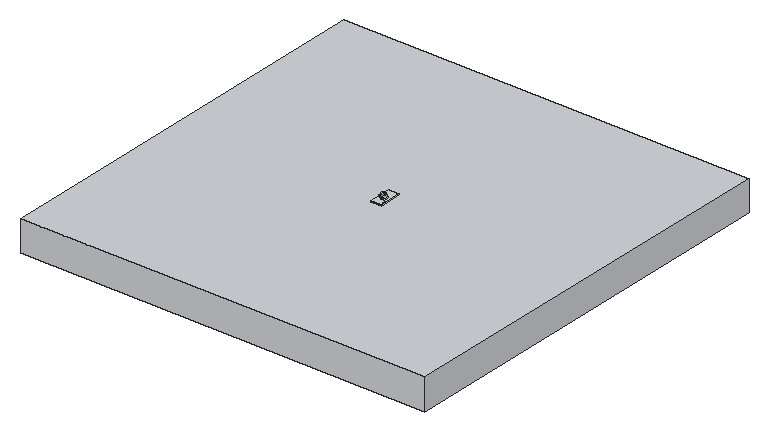
Revit family "HL_Стиральная устройство_HL404.WE", category Instalační zařizovací předměty, Revit 2016
Family settings
  Hostitel = Plocha
  Typ součásti = Normální
  Kóta kulaté spojky = Použít průměr
  Číslo OmniClass = 23.70.50.21.37
  Nadpis OmniClass = Valves for Removal Systems
  Ořezat dutým tvarem při načtení = Ne
  Sdílené = Ano
  Bod výpočtu místnosti = Ne
Parameters (values of type "HL404.WE")
  РАЗМЕР = "DN40/50"
  ПРОПУСКНАЯ СПОСОБНОСТЬ [instance] = 0 L/s
  ПРОИЗВОДИТЕЛЬНОСТЬ = "0,38 l/s"
  ПРАВОВАЯ ИНФОРМАЦИЯ = "Авторские права(©), права на дизайн или какие либо другие права интелектуальной собственности являются исключительной собственностью компании HL Hutterer & Lechner. Изменению не подлежит. Файл семейства с данными о прозводителе изделия защищен паролем с водяным знаком."  # constant formula
  НОМИНАЛЬНЫЙ ДИАМЕТР [instance] = 50 mm
  МАТЕРИАЛ = "PE/ V2A\r\nPE/ V2A"
  ГЛУБИНА МОНТАЖА = "65-115 mm"
  ВЕС = "0,46 [kg]"
  Výrobce = "HL Hutterer & Lechner GmbH"  # constant formula
  URL = "http://www.hutterer-lechner.com/ru/Products/catalog/washing-devices/products/HL404.WE.aspx"
  Výchozí výška = 600 mm
  Popis = "Стиральная устройство"
  Model = "HL404.WE"
  Komentáře k typům = "Встроенный сифон для стиральной или посудомоечной машины DN40/50 с соединительным коленом 3/4\" HL19, со снимаемым корпусом оболочки, с прочисткой, белой декоративной плитой 108 х 225 мм, с возможностью поключения вантуза. Глубина монтажа: 65мм."
  Keynote = "HL404.WE"
  глубина монтажа [instance] = 115 mm
  EAN = "9003076524044"
  E [instance] = if(НОМИНАЛЬНЫЙ ДИАМЕТР = 50 mm, 1 = 1, 1 = 2)  # yes
  D [instance] = if(or(глубина монтажа < 65 mm, глубина монтажа > 115 mm), 0 mm, 105 mm)  # 105 mm
  C [instance] = if(or(НОМИНАЛЬНЫЙ ДИАМЕТР = 50 mm, НОМИНАЛЬНЫЙ ДИАМЕТР = 40 mm), 6 mm, 0 mm)  # 6 mm
  A [instance] = if(НОМИНАЛЬНЫЙ ДИАМЕТР = 50 mm, 192 mm, 141 mm)  # 192 mm
Types (2, lengths in mm): name | URL | Popis | Komentáře k typům
  (no name) | "http://www.hutterer-lechner.com/cs/Products/catalog/washing-devices/attachments/HL404.WE.aspx" | "Washing devices" | "Recessed washing device trap DN40/50 with connection for air admittance valve, cleaning eye, appliance hose connector 3/4' HL19 and stainless steel coverplate white 108 x 225 mm. Minimum installation depth 65 mm. Comes with lot cover."
  HL404.WE | "http://www.hutterer-lechner.com/ru/Products/catalog/washing-devices/products/HL404.WE.aspx" | "Стиральная устройство" | "Встроенный сифон для стиральной или посудомоечной машины DN40/50 с соединительным коленом 3/4\" HL19, со снимаемым корпусом оболочки, с прочисткой, белой декоративной плитой 108 х 225 мм, с возможностью поключения вантуза. Глубина монтажа: 65мм."
Reference planes
  plane 1 "Center (Front/Back)": y = 0
  plane 2: z = 0
  plane 3 "Center (Left/Right)": x = 0
  plane 4 "Con": z = -86.5
  plane 5: z = -115
Forms (mm)
  Extrusion 1, solid
    sketch origin (0, 0, 0) x (1, 0, 0) y (0, 1, 0)
      loop
        line (-2000, 2000) -> (-2000, -2000) -> (2000, -2000) -> (2000, 2000) -> (-2000, 2000)
    from 0 to -304.8
  Extrusion 2, solid, material "Metal - steel", detail levels fine
    sketch origin (0, 0, 0) x (0, -1, 0) y (1, 0, 0)
      loop
        line (-119.557, -52.5) -> (102.443, -52.5) -> (102.443, 52.5) -> (-119.557, 52.5) -> (-119.557, -52.5)
    from 0 to 6
  Extrusion 3, solid, material "Plactic - Black", detail levels fine
    sketch origin (0, 156.429, -115) x (0, 1, 0) y (-1, 0, 0)
      loop
        line (-242.372, -25.453) -> (-163.318, -39.392)
        arc (-163.318, -39.392) -> (-147.078, -38.905) -> (-132.372, -32) r 40
        line (-132.372, -32) -> (-132.372, -40) -> (-62.672, -40)
        arc (-62.672, -40) -> (-55.601, -37.071) -> (-52.672, -30) r 10
        line (-52.672, -30) -> (-52.672, 30)
        arc (-52.672, 30) -> (-55.601, 37.071) -> (-62.672, 40) r 10
        line (-62.672, 40) -> (-132.372, 40) -> (-132.372, 32)
        arc (-132.372, 32) -> (-143.723, 37.947) -> (-156.372, 40) r 40
        line (-156.372, 40) -> (-228.776, 40)
        arc (-228.776, 40) -> (-236.49, 37.193) -> (-240.594, 30.084) r 12
        line (-240.594, 30.084) -> (-242.372, 20) -> (-242.372, -25.453)
    from 0 to 28.5
  Extrusion 4, solid, material "Plactic - Black", detail levels fine
    sketch origin (0, 156.429, -115) x (0, 1, 0) y (-1, 0, 0)
      loop
        line (-160.046, -42) -> (-62.672, -42)
        arc (-62.672, -42) -> (-54.187, -38.485) -> (-50.672, -30) r 12
        line (-50.672, -30) -> (-50.672, 30)
        arc (-50.672, 30) -> (-54.187, 38.485) -> (-62.672, 42) r 12
        line (-62.672, 42) -> (-230.372, 42)
        arc (-230.372, 42) -> (-240.271, 37.899) -> (-244.372, 28) r 14
        line (-244.372, 28) -> (-244.372, -27.131) -> (-160.046, -42)
    from 28.5 to 115
  Revolve 5, solid, material "Plactic - Black", detail levels fine
    sketch origin (-211.611, -4610.912, -86.5) x (-1, 0, 0) y (0, -1, 0)
      loop
        line (-231.606, -4525.07) -> (-211.611, -4525.07) -> (-211.611, -4472.97) -> (-231.606, -4472.97) -> (-231.606, -4525.07)
      axis (-211.611, -4472.97) -> (-211.611, -4525.07)
    angle from 0 to 360
  Revolve 6, solid, material "Plactic - Black", visible <- "E", detail levels fine
    sketch origin (-211.611, -4610.912, -86.5) x (-1, 0, 0) y (0, -1, 0)
      loop
        line (-236.6, -4472.97) -> (-211.611, -4472.97) -> (-211.611, -4418.97) -> (-236.6, -4418.97) -> (-236.6, -4472.97)
      axis (-211.611, -4472.97) -> (-211.611, -4418.97)
    angle from 0 to 360
  Revolve 7, solid, material "Plactic - White", detail levels fine
    sketch origin (0, 0.057, -28) x (0, 0, -1) y (0, 1, 0)
      loop
        line (-52, 0) -> (-52, -15.004) -> (-42, -15.004) -> (-42, -24.074) -> (-34, -24.074) -> (-34, 0) -> (-52, 0)
      axis (-52, 0) -> (-34, 0)
    angle from 0 to 360
Cuts and joins
  joined: Extrusion 4, Revolve 5
Lines and regions (mm)
  reference lines
    curve 1: line (0, -192, -86.5) -> (0, -132.093, -86.5)
  model lines, style "Logo", detail levels fine
    curve 2: line (39, -92.976, 6) -> (39, -99.976, 6)
    curve 3: line (39, -96.476, 6) -> (43.434, -96.476, 6)
    curve 4: line (43.434, -92.976, 6) -> (43.434, -99.976, 6)
    curve 5: line (45.827, -92.976, 6) -> (45.827, -99.976, 6)
    curve 6: line (45.827, -99.976, 6) -> (49.93, -99.976, 6)
  model lines, detail levels coarse+medium
    curve 7: line (0, -191.943, -86.5) -> (0, 0.057, -86.5)
    curve 8: line (0, 0.057, -86.5) -> (0, 0.057, 54.1)
    curve 9: line (0, 0.057, 54.1) -> (0, -57.243, 54.1)
  symbolic lines, detail levels coarse+medium
    curve 10: line (0, 0, 0) -> (0, 0, 105)
    curve 11: line (40, 0, 65) -> (-40, 0, 65)
Dimensions and locks
  "A": curve 1 to plane 1 "Center (Front/Back)"
  locked: plane 4 "Con" to plane 5 at 28.5
  "глубина монтажа": plane 2 to plane 5
  "C": Extrusion 2 to Extrusion 2
  "D": Extrusion 2 sketch curve to Extrusion 2 sketch curve
  aligned and locked: Extrusion 1 to plane 2
  aligned and locked: Extrusion 1 to level
  aligned and locked: plane 2 to Extrusion 4
  aligned and locked: Revolve 6 sketch curve to curve 7
Automatic sketch dimensions
  Extrusion 1 sketch curve to Extrusion 1 sketch curve = 4000 mm  (x2)
  Extrusion 3 sketch curve to Extrusion 3 sketch curve = 0 mm  (x3)
  Extrusion 3 sketch curve to plane 3 "Center (Left/Right)" = 0 mm
  Extrusion 3 sketch curve to plane 3 "Center (Left/Right)" = 20 mm
  plane 1 "Center (Front/Back)" to Extrusion 3 sketch curve = 85.943 mm
  Extrusion 3 sketch curve to plane 3 "Center (Left/Right)" = 30.084 mm
  Extrusion 3 sketch curve to Extrusion 3 sketch curve = 1.778 mm
  Extrusion 3 sketch curve to Extrusion 3 sketch curve = 11.818 mm
  plane 1 "Center (Front/Back)" to Extrusion 3 sketch curve = 6.889 mm
  Extrusion 3 sketch curve to plane 1 "Center (Front/Back)" = 0.057 mm
  Extrusion 3 sketch curve to plane 1 "Center (Front/Back)" = 24.057 mm  (x2)
  Extrusion 3 sketch curve to plane 3 "Center (Left/Right)" = 30 mm
  Extrusion 3 sketch curve to Extrusion 3 sketch curve = 69.7 mm
  plane 3 "Center (Left/Right)" to Extrusion 3 sketch curve = 40 mm
  Extrusion 3 sketch curve to Extrusion 3 sketch curve = 10 mm
  Extrusion 3 sketch curve to Extrusion 3 sketch curve = 0.608 mm
  Extrusion 3 sketch curve to Extrusion 3 sketch curve = 2.084 mm
  plane 3 "Center (Left/Right)" to Extrusion 4 sketch curve = 27.131 mm
  plane 1 "Center (Front/Back)" to Extrusion 4 sketch curve = 87.943 mm
  Extrusion 4 sketch curve to Extrusion 4 sketch curve = 14 mm
  plane 1 "Center (Front/Back)" to Extrusion 4 sketch curve = 3.617 mm
  Extrusion 4 sketch curve to plane 3 "Center (Left/Right)" = 42 mm
  Extrusion 4 sketch curve to plane 1 "Center (Front/Back)" = 93.757 mm
  plane 3 "Center (Left/Right)" to Extrusion 4 sketch curve = 42 mm
  Extrusion 4 sketch curve to Extrusion 4 sketch curve = 0 mm
  Extrusion 4 sketch curve to Extrusion 4 sketch curve = 12 mm
  Revolve 6 sketch curve to plane 3 "Center (Left/Right)" = 0 mm
  plane 3 "Center (Left/Right)" to Revolve 6 sketch curve = 24.989 mm
  plane 1 "Center (Front/Back)" to Revolve 6 sketch curve = 137.943 mm
  Revolve 6 sketch curve to Revolve 6 sketch curve = 3.76 mm
  Revolve 6 sketch curve to Revolve 6 sketch curve = 23.671 mm
  Revolve 6 sketch curve to Revolve 6 sketch curve = 54 mm
  Revolve 5 sketch curve to plane 3 "Center (Left/Right)" = 0 mm  (x2)
  Revolve 5 sketch curve to Revolve 5 sketch curve = 19.995 mm
  plane 1 "Center (Front/Back)" to Revolve 5 sketch curve = 85.843 mm
  Revolve 5 sketch curve to Revolve 5 sketch curve = 52.1 mm
  Revolve 5 sketch curve to Revolve 5 sketch curve = 7.643 mm
  Revolve 5 sketch curve to Revolve 5 sketch curve = 20.257 mm
  plane 3 "Center (Left/Right)" to curve 5 = 45.827 mm
  plane 1 "Center (Front/Back)" to curve 5 = 92.976 mm
  curve 4 to curve 5 = 0 mm  (x2)
  curve 2 to curve 4 = 0 mm
  curve 4 to curve 3 = 3.5 mm
  curve 3 to curve 4 = 3.5 mm
  curve 3 to curve 2 = 3.5 mm
  curve 4 to curve 5 = 2.393 mm
  curve 2 to curve 4 = 4.434 mm
  curve 5 to curve 6 = 4.103 mm
  curve 7 to plane 4 "Con" = 0 mm
  curve 8 to plane 1 "Center (Front/Back)" = 0.057 mm
  curve 9 to plane 1 "Center (Front/Back)" = 0.057 mm
  curve 9 to curve 8 = 57.3 mm
  plane 1 "Center (Front/Back)" to curve 7 = 191.943 mm
  level to curve 9 = 54.1 mm
  plane 3 "Center (Left/Right)" to Extrusion 3 sketch curve = 25.453 mm
  level to Revolve 7 sketch curve = 24 mm
  level to Revolve 7 sketch curve = 14 mm
  Revolve 7 sketch curve to plane 1 "Center (Front/Back)" = 0.057 mm  (x2)
  level to Revolve 7 sketch curve = 6 mm
  plane 1 "Center (Front/Back)" to Revolve 7 sketch curve = 14.947 mm
  Revolve 7 sketch curve to Revolve 7 sketch curve = 9.069 mm
  Revolve 7 sketch curve to Revolve 7 sketch curve = 12.238 mm
  level to Revolve 7 sketch curve = 1.6 mm
  curve 10 to plane 3 "Center (Left/Right)" = 0 mm
  curve 10 to level = 0 mm
  curve 11 to plane 3 "Center (Left/Right)" = 40 mm
  plane 3 "Center (Left/Right)" to curve 11 = 40 mm
  level to curve 11 = 65 mm
  curve 11 to curve 10 = 40 mm
  Extrusion 2 sketch curve to plane 3 "Center (Left/Right)" = 52.5 mm
  Extrusion 2 sketch curve to plane 1 "Center (Front/Back)" = 119.557 mm
  plane 1 "Center (Front/Back)" to Extrusion 2 sketch curve = 102.443 mm
  curve 1 to plane 3 "Center (Left/Right)" = 0 mm
  curve 1 to curve 1 = 59.907 mm
Nested families
  nested 1: "HL_Соединительное колено_HL19" at (0, 0.057, 24) x (1, 0.0007, 0) z (0, 0, 1), type "HL19_Main Component", detail levels fine
Connectors
  piping at (0, -192, -86.5), diameter 50, driven by "НОМИНАЛЬНЫЙ ДИАМЕТР", driven by "ПРОПУСКНАЯ СПОСОБНОСТЬ"
    settings: on curve 1, index 1, connector inside diameter 609.6 mm, connector length 0 mm, flow factor 0, pipe flow 0 L/s, pressure drop 0.00 Pa, fitting loss kfactor 0, connector angle 0.00°, fixture units 0, engagement length 0 mm, angle of deflection 0.00°, flow configuration 1, flow direction 2, fitting loss method 0, system type 16, joint type 0, gender type 0, connector reference index -1, connector utility 0, adjustable connector yes, is connector primary yes, connector description ""
Definition of nested family "HL_Соединительное колено_HL19"
  Parameters (values of type "HL19")
    РАЗМЕР = "1\" x 3/4\""
    ПРОПУСКНАЯ СПОСОБНОСТЬ = 0 L/s
    ПРАВОВАЯ ИНФОРМАЦИЯ = "Авторские права(©), права на дизайн или какие либо другие права интелектуальной собственности являются исключительной собственностью компании HL Hutterer & Lechner. Изменению не подлежит. Файл семейства с данными о прозводителе изделия защищен паролем с водяным знаком."  # constant formula
    НОМИНАЛЬНЫЙ ДИАМЕТР = 25 mm
    МАТЕРИАЛ = "PP"
    ВЕС = "0,02 [kg]"
    Manufacturer = "HL Hutterer & Lechner GmbH"  # constant formula
    URL = "http://www.hutterer-lechner.com/ru/Products/catalog/washing-devices/products/HL19.aspx"
    Description = "Стиральная устройство"
    Model = "HL19"
    Type Comments = "Соединительное колено для стиральной или посудомоечной машины 1\" х подсоединение шланга 3/4\" (d 17 - 23 мм) "
    Keynote = "HL19"
    EAN = "9003076100194"
  Values of the unnamed type that differ from the named types
    URL = "http://www.hutterer-lechner.com/en/Products/catalog/washing-devices/attachments/HL19.aspx"
    Description = "Washing devices"
    Type Comments = "Appliance hose connector 1' x 3/4' with O-ring"
  Reference planes
    plane 1 "Center (Front/Back)": y = 0
    plane 2: z = 0
    plane 3 "Center (Left/Right)": x = 0
  Forms (mm)
    Revolve 1, solid
      sketch origin (0, 0, -53.5) x (0, 0, -1) y (0, 1, 0)
        loop
          line (-95.35, -23.5) -> (-92.114, -57.3) -> (-83.6, -57.3) -> (-83.6, -23.5) -> (-95.35, -23.5)
        axis (-83.6, -23.5) -> (-83.6, -57.3)
      angle from 0 to 360
    Revolve 2, solid
      sketch origin (0, 0, -53.5) x (0, 0, -1) y (0, 1, 0)
        loop
          line (-61, -18.4) -> (-46, -18.4) -> (-46, -20.15) -> (-43.5, -20.15) -> (-43.5, 0) -> (-61, 0) -> (-61, -18.4)
        axis (-61, 0) -> (-43.5, 0)
      angle from 0 to 360
    Sweep 3, solid
      path origin (0, 0, -10) x (0, 1, 0) y (0, 0, 1)
        loop
          line (-23.5, 40.1) -> (-9.5, 40.1)
          arc (-9.5, 40.1) -> (-2.782, 37.318) -> (0, 30.6) r 9.5
          line (0, 30.6) -> (0, 17.5)
      profile origin (0, -16.5, 30.1) x (0, 0, 1) y (1, 0, 0)
        loop
          circle (0, 0) r 9.4
  Dimensions and locks
    aligned and locked: level to plane 2
